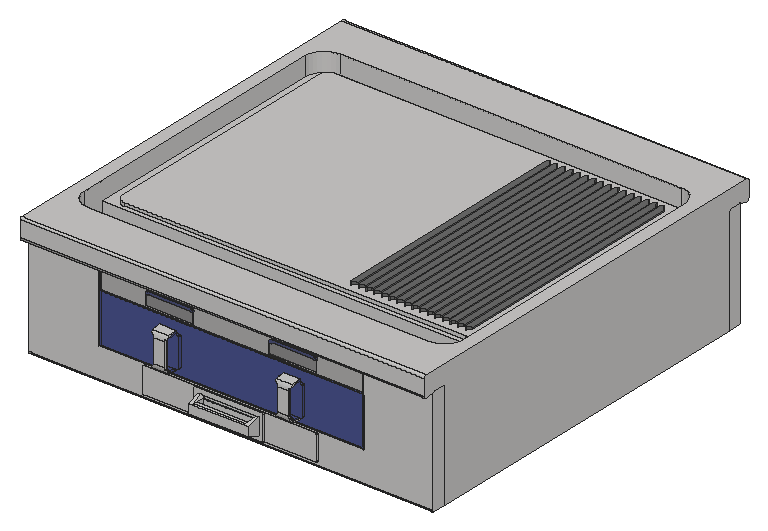
Revit family "QF_ELECTROLUXPROFESSIONAL_588409_MAHOAAHOAO", category Specialty Equipment, Revit 2018
Family settings
  Round Connector Dimension = Use Diameter
  Part Type = Normal
  Work Plane-Based = No
  Always vertical = Yes
  Cut with Voids When Loaded = No
  Shared = No
  Room Calculation Point = No
Parameters
  Weight in Pounds = 264.5  # constant formula
  Watts = 15300 VA  # 15300 W
  Volts = 400 V  # constant formula
  URL Cutsheet = ""
  Type Mark [instance] = ""
  Status [instance] = ""
  Specification by User [instance] = ""
  Specification by Manufacturer = ""
  Show Clearance [instance] = yes
  Serial Number = ""
  Seismic Rating = ""
  SMACNA No = ""
  Revision Code [instance] = ""
  Phase = 3  # constant formula
  Omniclass Number and Title = ""
  Number of Poles [instance] = 1
  NAFEM Spec ID Number = ""
  Model = "588409"
  Min Ckt Ampacity = 0 A
  Max Overcurrent Protection = 0 A
  Masterspec = ""
  Manufacturer = "ELECTROLUX"
  Item Number [instance] = ""
  Installed By [instance] = ""
  Identify Quantity as Lot [instance] = yes
  HP = "20.5 HP"
  Furnished By [instance] = ""
  Foodservice Equipment Identifier [instance] = yes
  FL Amps [instance] = if(Phase = 3, Watts / (Volts * 1.73), Watts / Volts)  # 22.1098 A
  Electrical Remarks = "400 V/3N ph/50/60 Hz"  # constant formula
  Electric Connection Type [instance] = ""
  Elec Conn RI Height [instance] = 0 mm
  Elec Conn Connection Height [instance] = 0 mm
  Direct Waste Size = 0"
  Description = "EL.FRYTOP,MIXED PL,1-SIDE,800X800X250H"
  Cycle [instance] = if([60 Hertz Option], 60 Hz, 50 Hz)  # 60 Hz
  Conn Plug = ""
  Conn Conduit = yes
  CSI MasterFormat = ""
  CSI Master Format = ""
  Back Panel [instance] = yes
  Apparent Power [instance] = if(Phase = 3, Volts * FL Amps * 1.73, Volts * FL Amps)  # 15300 VA
  60 Hertz Option [instance] = not([50 Hertz Option])  # yes
  50 Hertz Option [instance] = no
Reference planes
  plane 1 "BACK": y = -100
  plane 2: z = 0
  plane 3 "LEFT": x = 0
  plane 4 "RIGHT": x = 800
  plane 5 "FRONT": y = -900
  plane 6 "TOP": z = 250
  plane 7: x = 400
  plane 8: y = -500
  plane 9: y = -1330
Forms (mm)
  Extrusion 1, solid, material "QF_Finishes_Stainless Steel"
    sketch origin (0, -487.128, 0) x (0, 1, 0) y (0, 0, 1)
      loop
        line (383.128, 250) -> (-408.872, 250)
        arc (-408.872, 250) -> (-411.7, 248.828) -> (-412.872, 246) r 4
        line (-412.872, 246) -> (-412.872, 214)
        arc (-412.872, 214) -> (-411.443, 210.936) -> (-408.177, 210.061) r 4
        line (-408.177, 210.061) -> (-391.509, 213) -> (-366.872, 213) -> (-366.872, 0) -> (341.128, 0) -> (341.128, 213) -> (365.765, 213) -> (382.433, 210.061)
        arc (382.433, 210.061) -> (385.699, 210.936) -> (387.128, 214) r 4
        line (387.128, 214) -> (387.128, 246)
        arc (387.128, 246) -> (385.956, 248.828) -> (383.128, 250) r 4
    from 0 to 800
  Extrusion 2, solid, material "QF_Finishes_Stainless Steel", visible <- "Back Panel"
    sketch origin (0, 0, 0) x (0, 1, 0) y (0, 0, 1)
      loop
        line (-146, 0) -> (-120, 0) -> (-120, 215)
        arc (-120, 215) -> (-120.586, 213.586) -> (-122, 213) r 2
        line (-122, 213) -> (-146, 213) -> (-146, 0)
    from 0 to 800
  Extrusion 3, void
    sketch origin (653.786, -55.952, 250) x (1, 0, 0) y (0, -1, 0)
      loop
        line (-590.636, 133.048) -> (83.064, 133.048)
        arc (83.064, 133.048) -> (110.04, 144.222) -> (121.214, 171.198) r 38.15
        line (121.214, 171.198) -> (121.214, 716.572)
        arc (121.214, 716.572) -> (109.944, 743.779) -> (82.737, 755.048) r 38.476
        line (82.737, 755.048) -> (-591.786, 755.048)
        arc (-591.786, 755.048) -> (-617.949, 744.211) -> (-628.786, 718.048) r 37
        line (-628.786, 718.048) -> (-628.786, 171.198)
        arc (-628.786, 171.198) -> (-617.613, 144.222) -> (-590.636, 133.048) r 38.15
    from 0 to 37
  Extrusion 4, void
    sketch origin (1307.573, -7.904, 213) x (0, 1, 0) y (1, 0, 0)
      loop
        line (-721.846, -532.573) -> (-764.62, -532.573)
        arc (-764.62, -532.573) -> (-791.827, -543.842) -> (-803.096, -571.049) r 38.476
        line (-803.096, -571.049) -> (-803.096, -1245.573)
        arc (-803.096, -1245.573) -> (-792.259, -1271.736) -> (-766.096, -1282.573) r 37
        line (-766.096, -1282.573) -> (-721.846, -1282.573) -> (-721.846, -532.573)
    from 0 to 25.6
  Extrusion 5, void
    sketch origin (1612.573, -7.904, 187.4) x (-1, 0, 0) y (0, 1, 0)
      loop
        circle (1212.573, -762.096) r 22.248
    from 0 to 92
  Extrusion 6, solid, material "QF_Finishes_Stainless Steel"
    sketch origin (0, -754, 0) x (1, 0, 0) y (0, -1, 0)
      loop
        circle (755, -69) r 6.35
    from 0 to 3.2
  Extrusion 7, solid, material "QF_Door-Drawer Clearances", visible <- "Show Clearance", detail levels coarse
    sketch origin (437.203, -881.593, 8.62) x (0, 0, 1) y (-1, 0, 0)
      loop
        line (1.973, -134.295) -> (49.317, -134.295)
        arc (49.317, -134.295) -> (50.776, -133.691) -> (51.38, -132.232) r 2.063
        line (51.38, -132.232) -> (51.38, 206.852)
        arc (51.38, 206.852) -> (50.88, 208.549) -> (49.541, 209.705) r 3.133
        line (49.541, 209.705) -> (3.067, 209.705)
        arc (3.067, 209.705) -> (0.898, 208.807) -> (0, 206.638) r 3.067
        line (0, 206.638) -> (0, -132.322)
        arc (0, -132.322) -> (0.578, -133.717) -> (1.973, -134.295) r 1.973
    from 0 to 448.407
Cuts and joins
  Extrusion 3, Extrusion 4, Extrusion 5 cuts Extrusion 1
Lines and regions (mm)
  symbolic lines
    curve 1: line (261.519, -902.326, 0) -> (261.519, -900, 0)
    curve 2: spline (267.188, -903.73, 0) -> (266.709, -903.657, 0) -> (266.231, -903.575, 0) -> (265.754, -903.486, 0) -> (265.278, -903.389, 0) -> (264.804, -903.283, 0) -> (264.33, -903.17, 0) -> (263.858, -903.049, 0) -> (263.387, -902.92, 0) -> (262.918, -902.783, 0) -> (262.45, -902.638, 0) -> (261.984, -902.486, 0) -> (261.519, -902.326, 0)
    curve 3: line (293.735, -902.326, 0) -> (293.735, -900, 0)
    curve 4: spline (293.735, -902.326, 0) -> (293.27, -902.486, 0) -> (292.804, -902.638, 0) -> (292.337, -902.783, 0) -> (291.867, -902.92, 0) -> (291.396, -903.049, 0) -> (290.924, -903.17, 0) -> (290.451, -903.283, 0) -> (289.976, -903.389, 0) -> (289.5, -903.486, 0) -> (289.023, -903.575, 0) -> (288.545, -903.657, 0) -> (288.066, -903.73, 0)
    curve 5: line (267.188, -903.73, 0) -> (288.066, -903.73, 0)
    curve 6: line (538.481, -902.326, 0) -> (538.481, -900, 0)
    curve 7: spline (532.812, -903.73, 0) -> (533.291, -903.657, 0) -> (533.769, -903.575, 0) -> (534.246, -903.486, 0) -> (534.722, -903.389, 0) -> (535.196, -903.283, 0) -> (535.67, -903.17, 0) -> (536.142, -903.049, 0) -> (536.613, -902.92, 0) -> (537.082, -902.783, 0) -> (537.55, -902.638, 0) -> (538.016, -902.486, 0) -> (538.481, -902.326, 0)
    curve 8: line (506.265, -902.326, 0) -> (506.265, -900, 0)
    curve 9: spline (506.265, -902.326, 0) -> (506.73, -902.486, 0) -> (507.196, -902.638, 0) -> (507.663, -902.783, 0) -> (508.133, -902.92, 0) -> (508.604, -903.049, 0) -> (509.076, -903.17, 0) -> (509.549, -903.283, 0) -> (510.024, -903.389, 0) -> (510.5, -903.486, 0) -> (510.977, -903.575, 0) -> (511.455, -903.657, 0) -> (511.934, -903.73, 0)
    curve 10: line (532.812, -903.73, 0) -> (511.934, -903.73, 0)
    curve 11: line (25, -774, 0) -> (25, -227.15, 0)
    curve 12: arc (25, -227.15, 0) -> (36.174, -200.174, 0) -> (63.15, -189, 0) r 38.15
    curve 13: line (63.15, -189, 0) -> (736.85, -189, 0)
    curve 14: arc (736.85, -189, 0) -> (763.826, -200.174, 0) -> (775, -227.15, 0) r 38.15
    curve 15: line (775, -227.15, 0) -> (775, -772.524, 0)
    curve 16: arc (775, -772.524, 0) -> (763.731, -799.731, 0) -> (736.524, -811, 0) r 38.476
    curve 17: line (736.524, -811, 0) -> (62, -811, 0)
    curve 18: arc (62, -811, 0) -> (35.837, -800.163, 0) -> (25, -774, 0) r 37
    curve 19: line (775, -729.75, 0) -> (25, -729.75, 0)
    curve 20: circle (400, -770, 0) r 22.248 normal (0, 0, -1)
    curve 21: line (0, -100, 0) -> (800, -100, 0)
    curve 22: line (0, -900, 0) -> (0, -100, 0)
    curve 23: line (800, -900, 0) -> (0, -900, 0)
    curve 24: line (800, -100, 0) -> (800, -900, 0)
    curve 25: line (347.608, -908.767, 0) -> (450.042, -908.767, 0)
    curve 26: line (450.042, -908.767, 0) -> (451.588, -900, 0)
    curve 27: line (347.608, -908.767, 0) -> (346.062, -900, 0)
    curve 31: line (736.85, -199.163, 0) -> (63.15, -199.163, 0)
    curve 32: arc (63.15, -199.163, 0) -> (50.316, -204.479, 0) -> (45, -217.313, 0) r 18.15
    curve 33: line (45, -217.313, 0) -> (45, -701.437, 0)
    curve 34: arc (45, -701.437, 0) -> (50.316, -714.271, 0) -> (63.15, -719.587, 0) r 18.15
    curve 35: line (63.15, -719.587, 0) -> (736.85, -719.587, 0)
    curve 36: arc (736.85, -719.587, 0) -> (749.684, -714.271, 0) -> (755, -701.437, 0) r 18.15
    curve 37: line (755, -701.437, 0) -> (755, -217.313, 0)
    curve 38: arc (755, -217.313, 0) -> (749.684, -204.479, 0) -> (736.85, -199.163, 0) r 18.15
  symbolic lines, style "QF_Door-Drawer Clearances"
    curve 28: line (227.498, -1330, 0) -> (227.498, -900, 0)
    curve 29: line (227.498, -1330, 0) -> (571.498, -1330, 0)
    curve 30: line (571.498, -1330, 0) -> (571.498, -900, 0)
Dimensions and locks
  plane 3 "LEFT" to plane 4 "RIGHT" = 800 mm
  plane 5 "FRONT" to plane 1 "BACK" = 800 mm
  equal spacing: plane 3 "LEFT", plane 7, plane 4 "RIGHT"
  equal spacing: plane 5 "FRONT", plane 8, plane 1 "BACK"
  plane 6 "TOP" to level = 250 mm  (x2)
  plane 1 "BACK" to plane 5 "FRONT" = 800 mm
  Extrusion 6 sketch curve to plane 1 "BACK" = 585 mm
  Extrusion 6 sketch curve to plane 4 "RIGHT" = 45 mm
  plane 5 "FRONT" to plane 9 = 430 mm
  aligned and locked: level to plane 2
  aligned and locked: Extrusion 7 to plane 9
  aligned and locked: cut or joined group of Extrusion 1, Extrusion 3, Extrusion 4, Extrusion 5 to plane 4 "RIGHT"
  aligned and locked: plane 7 to nested 1
  aligned and locked: Extrusion 2 to plane 4 "RIGHT"
Automatic sketch dimensions
  Extrusion 2 sketch curve to Extrusion 2 sketch curve = 26 mm
  plane 1 "BACK" to Extrusion 2 sketch curve = 22 mm
  Extrusion 2 sketch curve to Extrusion 2 sketch curve = 2 mm
  level to Extrusion 2 sketch curve = 213 mm
  Extrusion 1 to Extrusion 3 sketch curve = 85 mm  (x2)
  Extrusion 1 to Extrusion 3 sketch curve = 122 mm
  Extrusion 1 to Extrusion 3 sketch curve = 25 mm
  Extrusion 3 sketch curve to Extrusion 3 sketch curve = 38.15 mm  (x2)
  Extrusion 1 to Extrusion 3 sketch curve = 123.476 mm
  Extrusion 3 sketch curve to Extrusion 3 sketch curve = 674.524 mm
  Extrusion 1 sketch curve to plane 5 "FRONT" = 0 mm
  Extrusion 1 sketch curve to plane 6 "TOP" = 0 mm
  Extrusion 1 sketch curve to level = 0 mm
  Extrusion 1 sketch curve to plane 1 "BACK" = 0 mm
  Extrusion 1 sketch curve to plane 6 "TOP" = 37 mm  (x2)
  Extrusion 1 sketch curve to plane 5 "FRONT" = 4 mm
  Extrusion 1 sketch curve to plane 5 "FRONT" = 21.363 mm
  Extrusion 1 sketch curve to plane 5 "FRONT" = 46 mm
  plane 1 "BACK" to Extrusion 1 sketch curve = 21.363 mm
  plane 1 "BACK" to Extrusion 1 sketch curve = 4 mm  (x2)
  Extrusion 1 sketch curve to Extrusion 1 sketch curve = 4 mm
  Extrusion 1 sketch curve to Extrusion 1 sketch curve = 0.695 mm
  Extrusion 1 sketch curve to Extrusion 1 sketch curve = 0 mm  (x4)
  plane 1 "BACK" to Extrusion 1 sketch curve = 4.695 mm
  Extrusion 1 sketch curve to Extrusion 1 sketch curve = 1 mm  (x2)
  plane 1 "BACK" to Extrusion 1 sketch curve = 46 mm
  Extrusion 4 sketch curve to Extrusion 3 = 81.25 mm
  Extrusion 3 to Extrusion 4 sketch curve = 0 mm  (x2)
  Extrusion 4 sketch curve to Extrusion 4 sketch curve = 37 mm
  Extrusion 4 sketch curve to Extrusion 4 sketch curve = 674.524 mm
  Extrusion 4 sketch curve to Extrusion 3 = 38.476 mm
  Extrusion 5 sketch curve to Extrusion 4 = 41 mm
  Extrusion 5 sketch curve to Extrusion 4 = 375 mm
  plane 1 "BACK" to curve 21 = 0 mm
  curve 21 to plane 4 "RIGHT" = 0 mm
  curve 28 to plane 9 = 0 mm
  curve 22 to plane 3 "LEFT" = 0 mm
  plane 5 "FRONT" to curve 30 = 0 mm
  plane 4 "RIGHT" to curve 15 = 25 mm
  curve 15 to curve 13 = 38.15 mm
  curve 16 to curve 17 = 38.476 mm
  plane 5 "FRONT" to curve 6 = 2.326 mm
  plane 7 to curve 6 = 138.481 mm
  plane 5 "FRONT" to curve 10 = 3.73 mm
  curve 7 to curve 10 = 5.669 mm
  plane 5 "FRONT" to curve 26 = 8.767 mm
  curve 7 to curve 26 = 82.77 mm
  curve 10 to curve 25 = 61.891 mm
  plane 5 "FRONT" to curve 8 = 2.326 mm
  curve 10 to curve 8 = 5.669 mm
  plane 5 "FRONT" to curve 3 = 2.326 mm
  curve 3 to plane 7 = 106.265 mm
  plane 5 "FRONT" to curve 5 = 3.73 mm
  curve 3 to curve 5 = 5.669 mm
  curve 27 to curve 5 = 59.542 mm
  curve 25 to curve 5 = 80.42 mm
  plane 5 "FRONT" to curve 1 = 2.326 mm
  curve 2 to curve 1 = 5.669 mm
  plane 3 "LEFT" to curve 13 = 63.15 mm
  plane 3 "LEFT" to curve 17 = 62 mm
  plane 3 "LEFT" to curve 28 = 227.498 mm
  plane 3 "LEFT" to curve 11 = 25 mm
  plane 4 "RIGHT" to curve 30 = 228.502 mm
  curve 6 to curve 7 = 9.839 mm
  curve 7 to curve 9 = 12.538 mm
  curve 9 to curve 26 = 64.516 mm
  plane 5 "FRONT" to curve 4 = 4.032 mm
  curve 5 to curve 4 = 4.17 mm
  curve 27 to curve 4 = 62.166 mm
  curve 4 to curve 2 = 12.538 mm
  curve 20 to curve 18 = 338 mm
  plane 1 "BACK" to curve 13 = 89 mm
  curve 15 to plane 5 "FRONT" = 127.476 mm
  curve 19 to curve 18 = 44.25 mm
  curve 20 to curve 18 = 4 mm
  curve 7 to plane 5 "FRONT" = 39.101 mm
  curve 9 to curve 7 = 0 mm
  curve 2 to curve 4 = 0 mm
  level to Extrusion 7 sketch curve = 8.62 mm
  level to Extrusion 7 sketch curve = 57.937 mm
  plane 7 to Extrusion 7 sketch curve = 171.498 mm
  Extrusion 7 sketch curve to Extrusion 7 sketch curve = 1.973 mm
  Extrusion 7 sketch curve to Extrusion 7 sketch curve = 3.067 mm
  Extrusion 7 sketch curve to Extrusion 7 sketch curve = 46.474 mm
  Extrusion 7 sketch curve to Extrusion 7 sketch curve = 2.063 mm
  Extrusion 7 sketch curve to Extrusion 7 sketch curve = 3.133 mm
  Extrusion 7 sketch curve to plane 7 = 169.435 mm
  plane 4 "RIGHT" to curve 37 = 45 mm
  plane 4 "RIGHT" to curve 31 = 63.15 mm
  plane 1 "BACK" to curve 31 = 99.163 mm
  curve 36 to curve 35 = 18.15 mm
  curve 31 to curve 13 = 0 mm
  curve 35 to curve 19 = 38.15 mm
  curve 34 to curve 33 = 18.15 mm
  curve 33 to curve 19 = 28.313 mm
  Extrusion 2 sketch curve to level = 0 mm
  radius of Extrusion 5 sketch curve = 22.248 mm
  radius of Extrusion 6 sketch curve = 6.35 mm
  radius of curve 20 = 22.248 mm
Nested families
  nested 1: "EG_800_800 Front Panel with Center Grease Trap" at (402.376, -854, -650), type "EG_800_800 Front Panel with Center Grease Trap"
    with Width 800 mm
  nested 2: "EFTU_800_800 mm Half Grate" at (400, -409.375, -675), type "EFTU_800_800 mm Half Grate"
Connectors
  electrical at (755, -685, -3.2), driven by "Volts", driven by "Watts"
    settings: on Extrusion 6, index 1, voltage 400 V, apparent load 15300 VA, apparent load phase1 0 VA, apparent load phase2 0 VA, apparent load phase3 0 VA, power factor 1, load classification "Other", number of poles 1, system type 30, power factor state 1, is connector primary yes, connector utility no, sub classification motor no, connector description "ELECTRICAL CONNECTION"
Definition of nested family "EG_800_800 Front Panel with Center Grease Trap"
  Parameters
    Width [instance] = 800 mm
  Reference planes
    plane 1 "Center (Front/Back)": y = 0
    plane 2: z = 0
    plane 3 "Center (Left/Right)": x = -2.376
    plane 4: x = -402.376
    plane 5: x = 397.624
  Forms (mm)
    Extrusion 1, solid
      sketch origin (833.217, 829.203, -1.25) x (0, 1, 0) y (0, 0, 1)
        loop
          arc (-854.203, 654.25) -> (-853.324, 652.129) -> (-851.203, 651.25) r 3
          line (-851.203, 651.25) -> (-829.203, 651.25) -> (-829.203, 864.25) -> (-854.203, 864.25) -> (-854.203, 654.25)
      from -1235.593 to -435.593
    Extrusion 2, void
      sketch origin (33.217, 829.203, -1.25) x (1, 0, 0) y (0, 0, 1)
        loop
          line (-298.093, 855.116) -> (-298.093, 713.116) -> (226.907, 713.116) -> (226.907, 855.116) -> (-298.093, 855.116)
      from 848.59 to 854.203
  Cuts and joins
    Extrusion 2 cuts Extrusion 1
  Dimensions and locks
    equal spacing: plane 5, plane 3 "Center (Left/Right)", plane 4
    "Width": plane 5 to plane 4
    aligned and locked: cut or joined group of Extrusion 1, Extrusion 2 to plane 4
    aligned and locked: plane 5 to cut or joined group of Extrusion 1, Extrusion 2
    aligned and locked: plane 3 "Center (Left/Right)" to nested 2
    aligned and locked: cut or joined group of Extrusion 1, Extrusion 2 to nested 2
  Automatic sketch dimensions
    Extrusion 1 sketch curve to plane 1 "Center (Front/Back)" = 0 mm
    plane 1 "Center (Front/Back)" to Extrusion 1 sketch curve = 22 mm
    Extrusion 1 sketch curve to Extrusion 1 sketch curve = 3 mm
    level to Extrusion 1 sketch curve = 650 mm
    Extrusion 1 sketch curve to Extrusion 1 sketch curve = 210 mm
    plane 4 to Extrusion 2 sketch curve = 137.5 mm
    Extrusion 2 sketch curve to plane 5 = 137.5 mm
    level to Extrusion 2 sketch curve = 711.866 mm
    Extrusion 2 sketch curve to Extrusion 2 sketch curve = 142 mm
  Nested families
    nested 1: "Range Control Handle" at (-124.522, -28.137, -209.113) x (-1, 0, 0) z (0, 0, 1), type "Range Control Handle"
    nested 2: "800 Panel - Glass conrol panel" at (-30.376, 280.644, 2.752), type "800 Panel - Glass conrol panel"
      with Width 525 mm
    nested 3: "800 Panel - Grease trap door" at (65.223, -25, 0.608) x (-1, 0, 0) z (0, 0, 1), type "800 Panel - Grease trap door"
    nested 4: "Range Control Handle" at (119.771, -28.137, -209.113), type "Range Control Handle"
  Definition of nested family "Range Control Handle"
    Reference planes
      plane 1 "Center (Front/Back)": y = 0
      plane 2: z = 0
      plane 3 "Center (Left/Right)": x = 0
      plane 4: z = 971.092
    Forms (mm)
      Extrusion 1, solid
        sketch origin (-746.28, 380.497, 208.931) x (-1, 0, 0) y (0, 0, 1)
          loop
            line (-770.101, 786.798) -> (-770.101, 731.649)
            arc (-770.101, 731.649) -> (-769.759, 730.563) -> (-768.855, 729.87) r 1.893
            line (-768.855, 729.87) -> (-763.474, 727.911) -> (-729.81, 727.911) -> (-724.428, 729.87)
            arc (-724.428, 729.87) -> (-723.525, 730.563) -> (-723.183, 731.649) r 1.893
            line (-723.183, 731.649) -> (-723.183, 786.798)
            arc (-723.183, 786.798) -> (-723.529, 787.894) -> (-724.44, 788.593) r 1.91
            line (-724.44, 788.593) -> (-729.683, 790.819) -> (-763.601, 790.819) -> (-768.844, 788.593)
            arc (-768.844, 788.593) -> (-769.755, 787.894) -> (-770.101, 786.798) r 1.91
        from -382.35 to -378.852
      Sweep 2, solid
        path origin (-746.788, 380.496, 208.091) x (0, -1, 0) y (0, 0, 1)
          loop
            line (379.775, 793.281) -> (395.661, 791.048)
            arc (395.661, 791.048) -> (397.781, 787.377) -> (398.517, 783.202) r 12.207
            line (398.517, 783.202) -> (398.517, 737.368)
            arc (398.517, 737.368) -> (397.781, 733.193) -> (395.661, 729.522) r 12.207
            line (395.661, 729.522) -> (379.775, 727.289)
        profile origin (-746.788, -7.222, 1000.256) x (0, -0.139173, 0.990268) y (-1, 0, 0)
          loop
            line (0.782, -763.123) -> (0.782, -730.907) -> (-1.322, -730.907) -> (-1.322, -763.123) -> (0.782, -763.123)
      Sweep 3, solid
        path origin (-746.788, 380.715, 207.832) x (0, -1, 0) y (0, 0, 1)
          loop
            line (380.478, 795.442) -> (397.218, 793.09)
            arc (397.218, 793.09) -> (399.929, 788.473) -> (400.871, 783.202) r 15.207
            line (400.871, 783.202) -> (400.871, 737.584)
            arc (400.871, 737.584) -> (399.914, 732.274) -> (397.164, 727.633) r 15.207
            line (397.164, 727.633) -> (380.601, 725.305)
        profile origin (-746.788, -8.132, 1002.099) x (0, -0.139173, 0.990268) y (-1, 0, 0)
          loop
            line (0.782, -763.123) -> (0.782, -730.907) -> (-1.322, -730.907) -> (-1.322, -763.123) -> (0.782, -763.123)
      Extrusion 4, void
        sketch origin (889.253, 220.666, 207.993) x (1, 0, 0) y (0, 0, 1)
          loop
            line (-943.038, 816.854) -> (-943.038, 703.686) -> (-899.466, 734.196) -> (-899.466, 786.344) -> (-943.038, 816.854)
        from 230.636 to 242.25
      Extrusion 5, void
        sketch origin (-888.8, 220.666, 207.993) x (-1, 0, 0) y (0, 0, -1)
          loop
            line (-943.038, -816.854) -> (-899.466, -786.344) -> (-899.466, -734.196) -> (-943.038, -703.686) -> (-943.038, -816.854)
        from 230.636 to 242.25
      Extrusion 6, solid
        sketch origin (0, 0, 0) x (1, 0, 0) y (0, 0, 1)
          loop
            circle (0, 971.092) r 7.736
        from -3.137 to -1.645
    Cuts and joins
      Extrusion 4, Extrusion 5 cuts Sweep 3
      Extrusion 4, Extrusion 5 cuts Sweep 2
      joined: Extrusion 1, Extrusion 6
    Lines and regions (mm)
      symbolic lines
        curve 1: line (23.821, 1.645, 0) -> (-23.097, 1.645, 0)
        curve 2: line (16.334, -1.853, 0) -> (23.821, -1.853, 0)
        curve 3: line (-15.881, -19.189, 0) -> (-15.881, -1.853, 0)
        curve 4: line (-23.097, -1.853, 0) -> (-15.881, -1.853, 0)
        curve 5: line (16.334, -19.189, 0) -> (16.334, -1.853, 0)
        curve 6: spline (-15.881, -19.189, 0) -> (-15.417, -19.349, 0) -> (-14.951, -19.501, 0) -> (-14.483, -19.646, 0) -> (-14.014, -19.783, 0) -> (-13.543, -19.912, 0) -> (-13.071, -20.033, 0) -> (-12.597, -20.146, 0) -> (-12.122, -20.251, 0) -> (-11.646, -20.349, 0) -> (-11.169, -20.438, 0) -> (-10.691, -20.52, 0) -> (-10.213, -20.593, 0)
        curve 7: spline (10.666, -20.593, 0) -> (11.144, -20.52, 0) -> (11.622, -20.438, 0) -> (12.099, -20.349, 0) -> (12.575, -20.251, 0) -> (13.05, -20.146, 0) -> (13.524, -20.033, 0) -> (13.996, -19.912, 0) -> (14.467, -19.783, 0) -> (14.936, -19.646, 0) -> (15.404, -19.501, 0) -> (15.87, -19.349, 0) -> (16.334, -19.189, 0)
        curve 8: line (-10.213, -20.938, 0) -> (10.716, -20.938, 0)
        curve 9: line (-23.097, 1.645, 0) -> (-23.097, -1.853, 0)
        curve 10: line (23.821, 1.645, 0) -> (23.821, -1.853, 0)
  Definition of nested family "800 Panel - Glass conrol panel"
    Parameters
      Width [instance] = 525 mm
    Reference planes
      plane 1 "Center (Front/Back)": y = 0
      plane 2: z = 0
      plane 3 "Center (Left/Right)": x = 28
      plane 4: x = -234.5
      plane 5: x = 290.5
    Forms (mm)
      Extrusion 1, solid
        sketch origin (378.286, 0, 0.617) x (1, 0, 0) y (0, 0, 1)
          loop
            line (-612.786, 806.791) -> (-612.786, 708.497) -> (-87.786, 708.497) -> (-87.786, 806.791) -> (-612.786, 806.791)
        from 300.031 to 304.8
      Extrusion 2, solid
        sketch origin (378.286, 0, 0.617) x (1, 0, 0) y (0, 0, 1)
          loop
            line (-612.786, 850.497) -> (-612.786, 806.791) -> (-87.786, 806.791) -> (-87.786, 850.497) -> (-612.786, 850.497)
        from 300.031 to 304.8
      Extrusion 3, void
        sketch origin (378.286, 0, 0.617) x (1, 0, 0) y (0, 0, 1)
          loop
            line (-610.128, 847.565) -> (-610.128, 710.699) -> (-90.696, 710.699) -> (-90.696, 847.565) -> (-610.128, 847.565)
        from 303.697 to 304.8
      Extrusion 4, solid
        sketch origin (-430.455, 1.101, -0.633) x (-1, 0, 0) y (0, 0, -1)
          loop
            line (-289.431, -812.62) -> (-383.186, -812.62) -> (-383.186, -834.177) -> (-378.269, -834.177) -> (-376.469, -835.977) -> (-296.039, -835.977) -> (-294.24, -834.177) -> (-289.431, -834.177) -> (-289.431, -812.62)
        from 304.798 to 306.745
      Extrusion 5, solid
        sketch origin (-430.455, 1.101, -0.633) x (-1, 0, 0) y (0, 0, -1)
          loop
            line (-378.269, -834.177) -> (-383.078, -834.177)
            arc (-383.078, -834.177) -> (-381.942, -838.747) -> (-377.686, -840.763) r 5.5
            line (-377.686, -840.763) -> (-294.98, -840.763)
            arc (-294.98, -840.763) -> (-290.706, -838.752) -> (-289.529, -834.177) r 5.549
            line (-289.529, -834.177) -> (-294.24, -834.177) -> (-296.039, -835.977) -> (-376.469, -835.977) -> (-378.269, -834.177)
        from 304.798 to 306.745
      Extrusion 6, solid
        sketch origin (486.455, 1.101, -0.633) x (1, 0, 0) y (0, 0, 1)
          loop
            line (-289.431, 812.62) -> (-289.431, 834.177) -> (-294.24, 834.177) -> (-296.039, 835.977) -> (-376.469, 835.977) -> (-378.269, 834.177) -> (-383.186, 834.177) -> (-383.186, 812.62) -> (-289.431, 812.62)
        from 304.798 to 306.745
      Extrusion 7, solid
        sketch origin (486.455, 1.101, -0.633) x (1, 0, 0) y (0, 0, 1)
          loop
            line (-378.269, 834.177) -> (-376.469, 835.977) -> (-296.039, 835.977) -> (-294.24, 834.177) -> (-289.529, 834.177)
            arc (-289.529, 834.177) -> (-290.706, 838.752) -> (-294.98, 840.763) r 5.549
            line (-294.98, 840.763) -> (-377.686, 840.763)
            arc (-377.686, 840.763) -> (-381.942, 838.747) -> (-383.078, 834.177) r 5.5
            line (-383.078, 834.177) -> (-378.269, 834.177)
        from 304.798 to 306.745
    Cuts and joins
      Extrusion 3 cuts Extrusion 1
      Extrusion 3 cuts Extrusion 2
    Dimensions and locks
      "Width": plane 5 to plane 4
      equal spacing: plane 5, plane 3 "Center (Left/Right)", plane 4
      aligned and locked: Extrusion 1 to Extrusion 2
      aligned and locked: Extrusion 5 to Extrusion 4
      aligned and locked: plane 5 to cut or joined group of Extrusion 1, Extrusion 3
      aligned and locked: plane 5 to cut or joined group of Extrusion 2, Extrusion 3
      aligned and locked: cut or joined group of Extrusion 1, Extrusion 3 to plane 4
      aligned and locked: cut or joined group of Extrusion 2, Extrusion 3 to plane 4
      aligned and locked: Extrusion 7 to Extrusion 6
    Automatic sketch dimensions
      Extrusion 1 sketch curve to plane 4 = 0 mm
      Extrusion 1 sketch curve to plane 5 = 0 mm
      level to Extrusion 1 sketch curve = 709.114 mm
      Extrusion 1 sketch curve to Extrusion 1 sketch curve = 98.294 mm
      Extrusion 2 sketch curve to plane 4 = 0 mm
      Extrusion 2 sketch curve to plane 5 = 0 mm
      level to Extrusion 2 sketch curve = 807.408 mm
      Extrusion 2 sketch curve to Extrusion 2 sketch curve = 43.706 mm
      plane 4 to Extrusion 3 sketch curve = 2.658 mm
      level to Extrusion 3 sketch curve = 711.316 mm
      Extrusion 3 sketch curve to plane 5 = 2.909 mm
      Extrusion 3 sketch curve to Extrusion 3 sketch curve = 136.866 mm
      Extrusion 4 sketch curve to plane 3 "Center (Left/Right)" = 75.269 mm
      plane 4 to Extrusion 4 sketch curve = 100.084 mm
      level to Extrusion 4 sketch curve = 835.343 mm
      Extrusion 4 sketch curve to Extrusion 4 sketch curve = 4.917 mm
      Extrusion 4 sketch curve to Extrusion 4 sketch curve = 1.8 mm  (x4)
      Extrusion 4 sketch curve to Extrusion 4 sketch curve = 4.809 mm
      Extrusion 4 sketch curve to Extrusion 4 sketch curve = 21.557 mm
      Extrusion 5 sketch curve to plane 3 "Center (Left/Right)" = 75.377 mm
      Extrusion 5 sketch curve to plane 3 "Center (Left/Right)" = 80.769 mm
      level to Extrusion 5 sketch curve = 840.129 mm
      Extrusion 5 sketch curve to Extrusion 5 sketch curve = 0.583 mm
      Extrusion 5 sketch curve to Extrusion 5 sketch curve = 1.217 mm
      Extrusion 5 sketch curve to Extrusion 5 sketch curve = 80.43 mm
      Extrusion 5 sketch curve to Extrusion 5 sketch curve = 1.059 mm
      Extrusion 5 sketch curve to Extrusion 5 sketch curve = 0.741 mm
      Extrusion 5 sketch curve to Extrusion 5 sketch curve = 4.711 mm
      Extrusion 5 sketch curve to Extrusion 5 sketch curve = 4.786 mm
      Extrusion 5 sketch curve to Extrusion 5 sketch curve = 1.8 mm  (x2)
      plane 3 "Center (Left/Right)" to Extrusion 6 sketch curve = 75.269 mm
      level to Extrusion 6 sketch curve = 811.987 mm
      Extrusion 6 sketch curve to Extrusion 6 sketch curve = 4.917 mm
      Extrusion 6 sketch curve to Extrusion 6 sketch curve = 1.8 mm  (x3)
      Extrusion 6 sketch curve to Extrusion 6 sketch curve = 80.43 mm
      Extrusion 6 sketch curve to Extrusion 6 sketch curve = 4.809 mm
      Extrusion 6 sketch curve to Extrusion 6 sketch curve = 21.557 mm  (x2)
      plane 3 "Center (Left/Right)" to Extrusion 7 sketch curve = 75.377 mm
      plane 3 "Center (Left/Right)" to Extrusion 7 sketch curve = 80.186 mm
      level to Extrusion 7 sketch curve = 833.543 mm
      Extrusion 7 sketch curve to Extrusion 7 sketch curve = 0.583 mm
      Extrusion 7 sketch curve to Extrusion 7 sketch curve = 1.217 mm
      Extrusion 7 sketch curve to Extrusion 7 sketch curve = 80.43 mm
      Extrusion 7 sketch curve to Extrusion 7 sketch curve = 1.059 mm
      Extrusion 7 sketch curve to Extrusion 7 sketch curve = 0.741 mm
      Extrusion 7 sketch curve to Extrusion 7 sketch curve = 4.711 mm
      Extrusion 7 sketch curve to Extrusion 7 sketch curve = 0 mm
      Extrusion 7 sketch curve to Extrusion 7 sketch curve = 1.8 mm
      Extrusion 7 sketch curve to Extrusion 7 sketch curve = 4.786 mm
  Definition of nested family "800 Panel - Grease trap door"
    Reference planes
      plane 1 "Center (Front/Back)": y = 0
      plane 2: z = 0
      plane 3 "Center (Left/Right)": x = 0
    Forms (mm)
      Extrusion 1, solid
        sketch origin (1627.55, 854.203, -1.25) x (1, 0, 0) y (0, 0, 1)
          loop
            arc (-1627.55, 661.235) -> (-1626.972, 659.84) -> (-1625.577, 659.262) r 1.973
            line (-1625.577, 659.262) -> (-1494.325, 659.262)
            arc (-1494.325, 659.262) -> (-1492.156, 660.16) -> (-1491.258, 662.329) r 3.067
            line (-1491.258, 662.329) -> (-1491.258, 708.803)
            arc (-1491.258, 708.803) -> (-1492.414, 710.143) -> (-1494.111, 710.642) r 3.133
            line (-1494.111, 710.642) -> (-1625.486, 710.642)
            arc (-1625.486, 710.642) -> (-1626.945, 710.038) -> (-1627.55, 708.579) r 2.063
            line (-1627.55, 708.579) -> (-1627.55, 661.235)
        from 856.795 to 859.203
      Extrusion 2, solid
        sketch origin (445.874, 2476.61, 0) x (0, 1, 0) y (0, 0, 1)
          loop
            line (-2506.377, 675.273) -> (-2481.61, 667.505) -> (-2481.61, 700.995) -> (-2506.377, 693.227) -> (-2506.377, 675.273)
        from -437.68 to -317.68
      Extrusion 3, void
        sketch origin (1627.55, 854.203, -1.25) x (1, 0, 0) y (0, 0, 1)
          loop
            line (-1614.883, 703) -> (-1610.542, 695.433) -> (-1508.17, 695.433) -> (-1503.828, 703) -> (-1614.883, 703)
          loop
            line (-1614.883, 668) -> (-1502.669, 668) -> (-1507.01, 675.567) -> (-1610.542, 675.567) -> (-1614.883, 668)
        from 832.916 to 883.97
      Extrusion 4, void
        sketch origin (447.55, 854.203, -1.25) x (1, 0, 0) y (0, 0, 1)
          loop
            line (-430.542, 695.433) -> (-430.542, 675.567) -> (-328.17, 675.567) -> (-328.17, 695.433) -> (-430.542, 695.433)
        from 859.203 to 874.202
      Extrusion 5, solid
        sketch origin (1627.55, 854.203, -1.25) x (1, 0, 0) y (0, 0, 1)
          loop
            line (-1390.516, 710.642) -> (-1729.386, 710.642)
            arc (-1729.386, 710.642) -> (-1730.845, 710.038) -> (-1731.449, 708.579) r 2.063
            line (-1731.449, 708.579) -> (-1731.449, 661.235)
            arc (-1731.449, 661.235) -> (-1730.871, 659.84) -> (-1729.476, 659.262) r 1.973
            line (-1729.476, 659.262) -> (-1390.516, 659.262)
            arc (-1390.516, 659.262) -> (-1388.347, 660.16) -> (-1387.449, 662.329) r 3.067
            line (-1387.449, 662.329) -> (-1387.449, 707.485)
            arc (-1387.449, 707.485) -> (-1388.347, 709.653) -> (-1390.516, 710.552) r 3.067
        from 854.203 to 856.795
    Cuts and joins
      Extrusion 3 cuts Extrusion 1
      Extrusion 3, Extrusion 4 cuts Extrusion 2
      joined: Extrusion 1, Extrusion 2
    Lines and regions (mm)
      symbolic lines
        curve 1: line (0, -2.593, 0) -> (136.292, -2.593, 0)
        curve 2: line (17.557, -29.767, 0) -> (12.667, -2.593, 0)
        curve 3: line (17.557, -29.767, 0) -> (119.991, -29.767, 0)
        curve 4: line (119.991, -29.767, 0) -> (124.881, -2.593, 0)
        curve 5: line (68.146, -2.593, 0) -> (68.146, -29.767, 0)
      model lines
        curve 6: line (67.599, 0, 658.012) -> (67.599, 0, 709.392)
    Dimensions and locks
      aligned and locked: Extrusion 2 to Extrusion 1
      aligned and locked: Extrusion 3 to Extrusion 2
      aligned and locked: Extrusion 4 to Extrusion 1
Definition of nested family "EFTU_800_800 mm Half Grate"
  Parameters
    Length = 662 mm
    Array = Length / 15 mm  # 44
  Reference planes
    plane 1 "Center (Front/Back)": y = 0
    plane 2: z = 0
    plane 3 "Center (Left/Right)": x = 0
    plane 4: x = -355
    plane 5: x = 355
    plane 6: z = 900
    plane 7: z = 888
    plane 8: x = -331
    plane 9: x = 331
  Forms (mm)
    Extrusion 1, solid
      sketch origin (453.786, 467.26, 0) x (1, 0, 0) y (0, 1, 0)
        loop
          line (-808.786, -275.198) -> (-808.786, -760.472)
          arc (-808.786, -760.472) -> (-803.807, -772.493) -> (-791.786, -777.472) r 17
          line (-791.786, -777.472) -> (-116.936, -777.472)
          arc (-116.936, -777.472) -> (-104.102, -772.156) -> (-98.786, -759.322) r 18.15
          line (-98.786, -759.322) -> (-98.786, -275.198)
          arc (-98.786, -275.198) -> (-104.102, -262.364) -> (-116.936, -257.048) r 18.15
          line (-116.936, -257.048) -> (-790.636, -257.048)
          arc (-790.636, -257.048) -> (-803.47, -262.364) -> (-808.786, -275.198) r 18.15
      from 888 to 894.474
  Lines and regions (mm)
    symbolic lines
      curve 1: line (324.5, -295.767, 0) -> (318, -286.484, 0)
      curve 2: line (331, -286.484, 0) -> (324.5, -295.767, 0)
      curve 3: line (98.105, -295.767, 0) -> (91.605, -286.484, 0)
      curve 4: line (104.605, -286.484, 0) -> (98.105, -295.767, 0)
      curve 5: line (113.198, -295.767, 0) -> (106.698, -286.484, 0)
      curve 6: line (119.698, -286.484, 0) -> (113.198, -295.767, 0)
      curve 7: line (128.291, -295.767, 0) -> (121.791, -286.484, 0)
      curve 8: line (134.791, -286.484, 0) -> (128.291, -295.767, 0)
      curve 9: line (143.384, -295.767, 0) -> (136.884, -286.484, 0)
      curve 10: line (149.884, -286.484, 0) -> (143.384, -295.767, 0)
      curve 11: line (158.477, -295.767, 0) -> (151.977, -286.484, 0)
      curve 12: line (164.977, -286.484, 0) -> (158.477, -295.767, 0)
      curve 13: line (173.57, -295.767, 0) -> (167.07, -286.484, 0)
      curve 14: line (180.07, -286.484, 0) -> (173.57, -295.767, 0)
      curve 15: line (188.663, -295.767, 0) -> (182.163, -286.484, 0)
      curve 16: line (195.163, -286.484, 0) -> (188.663, -295.767, 0)
      curve 17: line (203.756, -295.767, 0) -> (197.256, -286.484, 0)
      curve 18: line (210.256, -286.484, 0) -> (203.756, -295.767, 0)
      curve 19: line (218.849, -295.767, 0) -> (212.349, -286.484, 0)
      curve 20: line (225.349, -286.484, 0) -> (218.849, -295.767, 0)
      curve 21: line (233.942, -295.767, 0) -> (227.442, -286.484, 0)
      curve 22: line (240.442, -286.484, 0) -> (233.942, -295.767, 0)
      curve 23: line (249.035, -295.767, 0) -> (242.535, -286.484, 0)
      curve 24: line (255.535, -286.484, 0) -> (249.035, -295.767, 0)
      curve 25: line (264.128, -295.767, 0) -> (257.628, -286.484, 0)
      curve 26: line (270.628, -286.484, 0) -> (264.128, -295.767, 0)
      curve 27: line (279.221, -295.767, 0) -> (272.721, -286.484, 0)
      curve 28: line (285.721, -286.484, 0) -> (279.221, -295.767, 0)
      curve 29: line (294.314, -295.767, 0) -> (287.814, -286.484, 0)
      curve 30: line (300.814, -286.484, 0) -> (294.314, -295.767, 0)
      curve 31: line (309.407, -295.767, 0) -> (302.907, -286.484, 0)
      curve 32: line (315.907, -286.484, 0) -> (309.407, -295.767, 0)
      curve 33: line (336.85, 210.212, 0) -> (-336.85, 210.212, 0)
      curve 34: arc (-336.85, 210.212, 0) -> (-349.684, 204.896, 0) -> (-355, 192.062, 0) r 18.15
      curve 35: line (-355, 192.062, 0) -> (-355, -293.212, 0)
      curve 36: arc (-355, -293.212, 0) -> (-350.021, -305.233, 0) -> (-338, -310.212, 0) r 17
      curve 37: line (-338, -310.212, 0) -> (336.85, -310.212, 0)
      curve 38: arc (336.85, -310.212, 0) -> (349.684, -304.896, 0) -> (355, -292.062, 0) r 18.15
      curve 39: line (355, -292.062, 0) -> (355, 192.062, 0)
      curve 40: arc (355, 192.062, 0) -> (349.684, 204.896, 0) -> (336.85, 210.212, 0) r 18.15
  Dimensions and locks
    plane 6 to level = 900 mm
    plane 6 to plane 7 = 12 mm
    locked: plane 9 to plane 5 at 24
    "Length": plane 8 to plane 9
    plane 4 to plane 5 = 710 mm
    plane 4 to plane 8 = 24 mm
    aligned and locked: Extrusion 1 to plane 7
    aligned and locked: plane 9 to nested 1
    aligned and locked: curve 34 to Extrusion 1
    aligned and locked: curve 38 to Extrusion 1
    aligned and locked: curve 40 to Extrusion 1
  Automatic sketch dimensions
    Extrusion 1 sketch curve to plane 4 = 0 mm
    Extrusion 1 sketch curve to plane 5 = 0 mm
    Extrusion 1 sketch curve to plane 8 = 7 mm
    Extrusion 1 sketch curve to plane 8 = 5.85 mm
    plane 9 to Extrusion 1 sketch curve = 5.85 mm  (x2)
    plane 1 "Center (Front/Back)" to Extrusion 1 sketch curve = 310.212 mm
    Extrusion 1 sketch curve to plane 1 "Center (Front/Back)" = 192.062 mm
    curve 36 to plane 8 = 7 mm
    curve 1 to curve 1 = 6.5 mm
    curve 1 to curve 1 = 9.283 mm
    curve 1 to curve 2 = 6.5 mm
    curve 1 to curve 2 = 9.283 mm
    curve 3 to curve 3 = 6.5 mm
    curve 3 to curve 3 = 9.283 mm
    curve 3 to curve 4 = 6.5 mm
    curve 3 to curve 4 = 9.283 mm
    curve 5 to curve 5 = 6.5 mm
    curve 5 to curve 5 = 9.283 mm
    curve 5 to curve 6 = 6.5 mm
    curve 5 to curve 6 = 9.283 mm
    curve 7 to curve 7 = 6.5 mm
    curve 7 to curve 7 = 9.283 mm
    curve 7 to curve 8 = 6.5 mm
    curve 7 to curve 8 = 9.283 mm
    curve 9 to curve 9 = 6.5 mm
    curve 9 to curve 9 = 9.283 mm
    curve 9 to curve 10 = 6.5 mm
    curve 9 to curve 10 = 9.283 mm
    curve 11 to curve 11 = 6.5 mm
    curve 11 to curve 11 = 9.283 mm
    curve 11 to curve 12 = 6.5 mm
    curve 11 to curve 12 = 9.283 mm
    curve 13 to curve 13 = 6.5 mm
    curve 13 to curve 13 = 9.283 mm
    curve 13 to curve 14 = 6.5 mm
    curve 13 to curve 14 = 9.283 mm
    curve 15 to curve 15 = 6.5 mm
    curve 15 to curve 15 = 9.283 mm
    curve 15 to curve 16 = 6.5 mm
    curve 15 to curve 16 = 9.283 mm
    curve 17 to curve 17 = 6.5 mm
    curve 17 to curve 17 = 9.283 mm
    curve 17 to curve 18 = 6.5 mm
    curve 17 to curve 18 = 9.283 mm
    curve 19 to curve 19 = 6.5 mm
    curve 19 to curve 19 = 9.283 mm
    curve 19 to curve 20 = 6.5 mm
    curve 19 to curve 20 = 9.283 mm
    curve 21 to curve 21 = 6.5 mm
    curve 21 to curve 21 = 9.283 mm
    curve 21 to curve 22 = 6.5 mm
    curve 21 to curve 22 = 9.283 mm
    curve 23 to curve 23 = 6.5 mm
    curve 23 to curve 23 = 9.283 mm
    curve 23 to curve 24 = 6.5 mm
    curve 23 to curve 24 = 9.283 mm
    curve 25 to curve 25 = 6.5 mm
    curve 25 to curve 25 = 9.283 mm
    curve 25 to curve 26 = 6.5 mm
    curve 25 to curve 26 = 9.283 mm
    curve 27 to curve 27 = 6.5 mm
    curve 27 to curve 27 = 9.283 mm
    curve 27 to curve 28 = 6.5 mm
    curve 27 to curve 28 = 9.283 mm
    curve 29 to curve 29 = 6.5 mm
    curve 29 to curve 29 = 9.283 mm
    curve 29 to curve 30 = 6.5 mm
    curve 29 to curve 30 = 9.283 mm
    curve 31 to curve 31 = 6.5 mm
    curve 31 to curve 31 = 9.283 mm
    curve 31 to curve 32 = 6.5 mm
    curve 31 to curve 32 = 9.283 mm
  Nested families
    nested 1: "Grate for Griddle_800" at (324.5, 0, 11.99), type "Grate for Griddle_800"
    nested 2: "Grate for Griddle_800" at (98.105, 0, 11.99), type "Grate for Griddle_800"
    nested 3: "Grate for Griddle_800" at (113.198, 0, 11.99), type "Grate for Griddle_800"
    nested 4: "Grate for Griddle_800" at (128.291, 0, 11.99), type "Grate for Griddle_800"
    nested 5: "Grate for Griddle_800" at (143.384, 0, 11.99), type "Grate for Griddle_800"
    nested 6: "Grate for Griddle_800" at (158.477, 0, 11.99), type "Grate for Griddle_800"
    nested 7: "Grate for Griddle_800" at (173.57, 0, 11.99), type "Grate for Griddle_800"
    nested 8: "Grate for Griddle_800" at (188.663, 0, 11.99), type "Grate for Griddle_800"
    nested 9: "Grate for Griddle_800" at (203.756, 0, 11.99), type "Grate for Griddle_800"
    nested 10: "Grate for Griddle_800" at (218.849, 0, 11.99), type "Grate for Griddle_800"
    nested 11: "Grate for Griddle_800" at (233.942, 0, 11.99), type "Grate for Griddle_800"
    nested 12: "Grate for Griddle_800" at (249.035, 0, 11.99), type "Grate for Griddle_800"
    nested 13: "Grate for Griddle_800" at (264.128, 0, 11.99), type "Grate for Griddle_800"
    nested 14: "Grate for Griddle_800" at (279.221, 0, 11.99), type "Grate for Griddle_800"
    nested 15: "Grate for Griddle_800" at (294.314, 0, 11.99), type "Grate for Griddle_800"
    nested 16: "Grate for Griddle_800" at (309.407, 0, 11.99), type "Grate for Griddle_800"
  Definition of nested family "Grate for Griddle_800"
    Reference planes
      plane 1 "Center (Front/Back)": y = 0
      plane 2: z = 0
      plane 3 "Center (Left/Right)": x = 0
      plane 4: x = -5.214
      plane 5: x = 7.786
      plane 6: y = 194
      plane 7: y = -294
    Forms (mm)
      Extrusion 1, solid
        sketch origin (1322.686, 294, -6.066) x (1, 0, 0) y (0, 0, 1)
          loop
            line (-1316.186, 888.55) -> (-1316.186, 890.55)
            arc (-1316.186, 890.55) -> (-1322.686, 894.177) -> (-1329.186, 890.55) r 7.638
            line (-1329.186, 890.55) -> (-1329.186, 888.55) -> (-1316.186, 888.55)
        from 100 to 588
      Extrusion 2, void
        sketch origin (0, 0, 0) x (1, 0, 0) y (0, 1, 0)
          loop
            line (-1.237, 194) -> (-6.5, 194) -> (-6.5, 186.484) -> (-1.237, 194)
          loop
            line (1.237, 194) -> (6.5, 186.484) -> (6.5, 194) -> (1.237, 194)
          loop
            line (-1.237, -294) -> (-6.5, -286.484) -> (-6.5, -294) -> (-1.237, -294)
          loop
            line (1.237, -294) -> (6.5, -294) -> (6.5, -286.484) -> (1.237, -294)
        from 878.991 to 892.372
    Cuts and joins
      Extrusion 2 cuts Extrusion 1
    Lines and regions (mm)
      symbolic lines
        curve 1: line (6.5, -286.484, 0) -> (6.5, 186.484, 0)
        curve 2: line (6.5, -286.484, 0) -> (1.237, -294, 0)
        curve 3: line (-1.237, -294, 0) -> (-6.5, -286.484, 0)
        curve 4: line (-6.5, 186.484, 0) -> (-6.5, -286.484, 0)
        curve 5: line (-6.5, 186.484, 0) -> (-1.237, 194, 0)
        curve 6: line (1.237, 194, 0) -> (6.5, 186.484, 0)
    Dimensions and locks
      plane 6 to plane 7 = 488 mm
      aligned and locked: Extrusion 1 to plane 7
      aligned and locked: plane 6 to Extrusion 1
      aligned and locked: curve 1 to cut or joined group of Extrusion 1, Extrusion 2
      aligned and locked: curve 2 to cut or joined group of Extrusion 1, Extrusion 2
      aligned and locked: curve 3 to cut or joined group of Extrusion 1, Extrusion 2
      aligned and locked: cut or joined group of Extrusion 1, Extrusion 2 to curve 4
